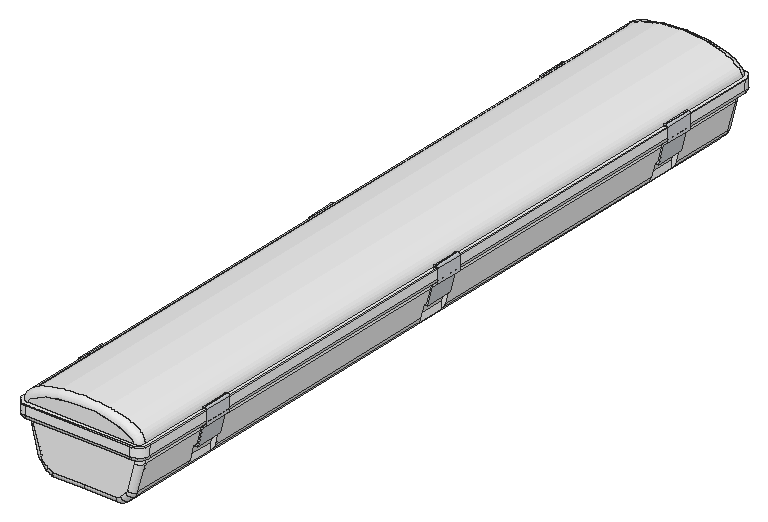
Revit family "0067945 Sylvania Lighting Fixture START Waterproof Twin 600 IP65 1400lm 865", category Lighting Fixtures, host Face, Revit 2016
Family settings
  Host = Face
  Part Type = Normal
  Round Connector Dimension = Use Diameter
  OmniClass Number = 23.80.70.11.14
  OmniClass Title = General Luminaries, Directional
  Cut with Voids When Loaded = No
  Light Source = Yes
  Shared = No
  Room Calculation Point = No
Parameters (values of type "0067945 ST WTRPRF T 600 IP65 1400LM 865")
  Width = 110 mm
  Weight = "1.12 kg"
  Wattage Comments = "n/a"
  Wattage = 12 W
  WarrantyStartDate [instance] = "n/a"
  WarrantyGuarantorParts = "n/a"
  WarrantyDurationUnit = "n/a"
  WarrantyDurationParts = "n/a"
  WarrantyDescription = "n/a"
  built-in parameter 1150110 = 1 (stored number, unit not read)
  Voltage = 0 V
  URL = "http://www.sylvania-lighting.com"
  TypeName = "START Waterproof Twin 600 IP65 1400lm 865"
  Type Image = <None>
  Type Comments = "n/a"
  built-in parameter 1114217 = 1 (stored number, unit not read)
  Tilt Angle = -90.00°
  built-in parameter 1150109 = 1 (stored number, unit not read)
  built-in parameter 1150134 = 1
  built-in parameter 1150113 = 1 (stored number, unit not read)
  SerialNumber [instance] = "n/a"
  ReflectorMaterial = none
  PowerFactor = 0
  PowerConsumption = "12 W"
  Photometric Web File = "0067945.ies"
  NominalWidth = 0 mm
  NominalLength = 665 mm
  NominalHeight = 78 mm
  Name = "START Waterproof Twin 600 IP65 1400lm 865"
  ModelReference = "START Waterproof Twin 600 IP65 1400lm 865"
  ModelNumber = "0067945"
  Model = "START Waterproof Twin 600 IP65 1400lm 865"
  Material = "polycarbonate housing, polycarbonate diffuser"
  ManufacturerName = "Feilo Sylvania"
  Manufacturer = "Feilo Sylvania"
  LuminousEfficacy = "115 lm/W"
  built-in parameter 1150105 = 109.82 (stored number, unit not read)
  Lumens = 1380 lm
  LuminaireType = ""
  built-in parameter 1150115 = 1 (stored number, unit not read)
  LightOutputRatio = "n/a"
  built-in parameter 1150137 = (empty or 0)
  built-in parameter 1150139 = (empty or 0)
  Length = 665 mm
  LampsType = Lamp  # "LED"
  LampNominalLuminous = "1400 lm"
  LampMacAdamStep = "n/a"
  LampColourTemperature = "6500 K"
  LampColourRenderingIndex = "80"
  built-in parameter 1150112 = 1 (stored number, unit not read)
  built-in parameter 1150114 = 1 (stored number, unit not read)
  Lamp = "LED"
  Keynote = "16500"
  InstallationDate [instance] = "n/a"
  InputVoltage = "n/a"
  InputNominalFrequency = "n/a"
  built-in parameter 1150132 = (empty or 0)
  built-in parameter 1150102 = (empty or 0)
  built-in parameter 1150107 = 6500 (stored number, unit not read)
  built-in parameter 1150138 = (empty or 0)
  IngressProtection = "IP65"
  ImpactProtectionIndex = "IK08"
  built-in parameter 1150106 = 1.0982 (stored number, unit not read)
  IfcExportType = "IfcLightFixtureType"
  IfcExportAs = "IfcLightFixtureType"
  ExpectedLife = 50000
  Emit from Rectangle Width = Width - 20 mm  # 90 mm
  Emit from Rectangle Length = Length - 20 mm  # 645 mm
  Emit Shape Visible in Rendering = no
  ElectricShockClassification = "Class I"
  built-in parameter 1150104 = 10.684 (stored number, unit not read)
  DurationUnit = "hours"
  DocumentationLiterature = "http://www.sylvania-lighting.com/product/en-int/products/0067945"
  DimmingControlOptions = "n/a"
  Dimming Lamp Color Temperature Shift = <None>
  DiffuserMaterial = Diffuser-Sylvania-Transparent
  Description = ""
  Default Elevation = 1219.2 mm
  CreatedOn = "11/27/2018"
  CreatedBy = "@sylvania-lighting.com"
  Cost = 0
  Color Filter = 16777215
  built-in parameter 1114216 [instance] = (empty or 0)
  ClassificationValue = "EF_70_80"
  ClassificationName = "Uniclass2015"
  BracketOffset_FEILO = 360 mm
  BodyMaterial = Body-Sylvania-Gray
  BarCode [instance] = "n/a"
  built-in parameter 1114218 = 1 (stored number, unit not read)
  built-in parameter 1150133 = 10 (stored number, unit not read)
  AssetType = "Fixed"
  AssetIdentifier [instance] = "n/a"
  Assembly Code = "D5020200"
  Apparent Load = 12 VA
  AccessoryMaterial = Diffuser-Sylvania-Glow
Reference planes
  plane 1 "Center (Front/Back)": y = 0
  plane 2: z = 0
  plane 3 "Center (Left/Right)": x = 0
  plane 4: z = 54
  plane 5: x = -27.7
  plane 6: x = -34.8
  plane 7: x = -39.6
  plane 8: x = -42.2
  plane 9: z = 3
  plane 10: z = 7.8
  plane 11: z = 12.3
  plane 12: z = 36.6
  plane 13: z = 42.8
  plane 14: x = -51.1
  plane 15: z = 46.2
  plane 16: x = -55
  plane 17: y = 332.5
  plane 18: y = -332.5
  plane 19: x = 27.7
  plane 20: x = 34.8
  plane 21: x = 39.6
  plane 22: x = 42.2
  plane 23: x = 51.1
  plane 24: x = 55
  plane 25: y = 324.9
  plane 26: y = -324.9
  plane 27: y = -321.2
  plane 28: y = 321.2
  plane 29: z = 74
  plane 30: x = -51.5
  plane 31: x = 51.5
  plane 32: z = 55.2
  plane 33: y = -329
  plane 34: y = 329
  plane 35: x = -37.5
  plane 36: x = 37.5
  plane 37: x = -48.7
  plane 38: x = 48.7
  plane 39: x = 18
  plane 40: x = -18
  plane 41: z = 50.2
  plane 42: z = 24.6
  plane 43: y = 720
  plane 44: y = 706
  plane 45: y = 734
  plane 46: y = 250
  plane 47: y = 236
  plane 48: y = 264
  plane 49: y = 0
  plane 50: y = -14
  plane 51: y = 14
  plane 52: y = -250
  plane 53: y = -264
  plane 54: y = -236
Forms (mm)
  Sweep 1, solid, material "Body-Sylvania-Gray" <- "BodyMaterial", detail levels medium+fine
    path origin (1223.4, -4572, 54) x (0, -1, 0) y (1, 0, 0)
      loop
        arc (-4249.5, -1278.4) -> (-4242.429, -1275.471) -> (-4239.5, -1268.4) r 10
        line (-4239.5, -1268.4) -> (-4239.5, -1178.4)
        arc (-4239.5, -1178.4) -> (-4242.429, -1171.329) -> (-4249.5, -1168.4) r 10
        line (-4249.5, -1168.4) -> (-4894.5, -1168.4)
        arc (-4894.5, -1168.4) -> (-4901.571, -1171.329) -> (-4904.5, -1178.4) r 10
        line (-4904.5, -1178.4) -> (-4904.5, -1268.4)
        arc (-4904.5, -1268.4) -> (-4901.571, -1275.471) -> (-4894.5, -1278.4) r 10
        line (-4894.5, -1278.4) -> (-4249.5, -1278.4)
    profile origin (-55, 0, 54) x (-1, 0, 0) y (0, 0, 1)
      loop
        line (0, 0) -> (-1, 0) -> (-1, -7.726)
        arc (-1, -7.726) -> (-1.994, -9.498) -> (-3.9, -10.2) r 2.937
        line (-3.9, -10.2) -> (-8.571, -10.2) -> (-8.571, -11.2) -> (-3.9, -11.2)
        arc (-3.9, -11.2) -> (-1.313, -10.231) -> (0, -7.8) r 3.937
        line (0, -7.8) -> (0, 0)
  Sweep 2, solid, material "Body-Sylvania-Gray" <- "BodyMaterial", detail levels medium+fine
    path origin (0, 0, 0) x (1, 0, 0) y (0, 0, 1)
      loop
        line (48.7, 42.8) -> (48.7, 36.6) -> (42.203, 12.31)
        arc (42.203, 12.31) -> (41.199, 9.884) -> (39.6, 7.8) r 10.052
        line (39.6, 7.8) -> (34.8, 3)
        arc (34.8, 3) -> (31.554, 0.781) -> (27.7, 0) r 9.902
        line (27.7, 0) -> (0, 0) -> (-27.7, 0)
        arc (-27.7, 0) -> (-31.554, 0.781) -> (-34.8, 3) r 9.902
        line (-34.8, 3) -> (-39.6, 7.8)
        arc (-39.6, 7.8) -> (-41.199, 9.884) -> (-42.203, 12.31) r 10.052
        line (-42.203, 12.31) -> (-48.7, 36.6) -> (-48.7, 42.8)
    profile origin (0, 0, 0) x (0, 0, -1) y (0, -1, 0)
      loop
        arc (0, 319.9) -> (-1.464, 323.436) -> (-5, 324.9) r 5
        line (-5, 324.9) -> (-7.8, 324.9) -> (-7.8, -324.9) -> (-5, -324.9)
        arc (-5, -324.9) -> (-1.464, -323.436) -> (0, -319.9) r 5
        line (0, -319.9) -> (0, 319.9)
  Extrusion 3, solid, material "Body-Sylvania-Gray" <- "BodyMaterial", detail levels medium+fine
    sketch origin (1524, 324.9, 1219.2) x (1, 0, 0) y (0, 0, 1)
      loop
        arc (-1558.668, -1204.874) -> (-1558.443, -1205.418) -> (-1558.085, -1205.885) r 2.252
        line (-1558.085, -1205.885) -> (-1553.231, -1210.738)
        arc (-1553.231, -1210.738) -> (-1552.534, -1211.227) -> (-1551.7, -1211.4) r 2.102
        line (-1551.7, -1211.4) -> (-1496.3, -1211.4)
        arc (-1496.3, -1211.4) -> (-1495.466, -1211.227) -> (-1494.769, -1210.738) r 2.102
        line (-1494.769, -1210.738) -> (-1489.915, -1205.885)
        arc (-1489.915, -1205.885) -> (-1489.557, -1205.418) -> (-1489.332, -1204.874) r 2.252
        line (-1489.332, -1204.874) -> (-1483.1, -1181.575) -> (-1483.1, -1176.4) -> (-1564.9, -1176.4) -> (-1564.9, -1181.575) -> (-1558.668, -1204.874)
    from 0 to 649.8
  Sweep 4, solid, material "Diffuser-Sylvania-Transparent" <- "DiffuserMaterial", detail levels medium+fine
    path origin (0, 0, 0) x (1, 0, 0) y (0, 0, 1)
      loop
        spline (-51.5, 55.2) -> (-49.745, 60.066) -> (-44.6, 64.6) -> (-36.416, 68.494) -> (-25.75, 71.481) -> (-13.329, 73.359) -> (0, 74) -> (13.329, 73.359) -> (25.75, 71.481) -> (36.416, 68.494) -> (44.6, 64.6) -> (49.745, 60.066) -> (51.5, 55.2)
    profile origin (51.5, 0, 55.2) x (0, -1, 0) y (1, 0, 0)
      loop
        arc (329, -5.5) -> (327.389, -1.611) -> (323.5, 0) r 5.5
        line (323.5, 0) -> (-323.5, 0)
        arc (-323.5, 0) -> (-327.389, -1.611) -> (-329, -5.5) r 5.5
        line (-329, -5.5) -> (-329, -6.3) -> (-328, -6.3) -> (-328, -5.5)
        arc (-328, -5.5) -> (-326.682, -2.318) -> (-323.5, -1) r 4.5
        line (-323.5, -1) -> (323.5, -1)
        arc (323.5, -1) -> (326.682, -2.318) -> (328, -5.5) r 4.5
        line (328, -5.5) -> (328, -6.347) -> (329, -6.347) -> (329, -5.5)
  Extrusion 5, solid, material "Diffuser-Sylvania-Transparent" <- "DiffuserMaterial", detail levels medium+fine
    sketch origin (1524, -329, 1219.2) x (1, 0, 0) y (0, 0, 1)
      loop
        line (-1569.653, -1164) -> (-1478.347, -1164)
        spline (-1478.347, -1164) -> (-1478.969, -1162.594) -> (-1482.527, -1159.545) -> (-1489.588, -1156.201) -> (-1499.458, -1153.445) -> (-1511.242, -1151.663) -> (-1524, -1151.049) -> (-1536.758, -1151.663) -> (-1548.542, -1153.445) -> (-1558.412, -1156.201) -> (-1565.473, -1159.545) -> (-1569.031, -1162.594) -> (-1569.653, -1164)
    from 0 to -1
  Extrusion 6, solid, material "Diffuser-Sylvania-Transparent" <- "DiffuserMaterial", detail levels medium+fine
    sketch origin (1524, 329, 1219.2) x (1, 0, 0) y (0, 0, 1)
      loop
        spline (-1478.3, -1164) -> (-1478.931, -1162.565) -> (-1482.502, -1159.505) -> (-1489.572, -1156.155) -> (-1499.446, -1153.394) -> (-1511.236, -1151.614) -> (-1524, -1151.007) -> (-1536.764, -1151.614) -> (-1548.554, -1153.394) -> (-1558.428, -1156.155) -> (-1565.498, -1159.505) -> (-1569.069, -1162.565) -> (-1569.7, -1164)
        line (-1569.7, -1164) -> (-1478.3, -1164)
    from 0 to 1
  Extrusion 7, solid, material "Diffuser-Sylvania-Transparent" <- "DiffuserMaterial", detail levels medium+fine
    sketch origin (1223.4, -4572, 55.2) x (0, -1, 0) y (-1, 0, 0)
      loop
        arc (-4900, 1177.4) -> (-4898.682, 1174.218) -> (-4895.5, 1172.9) r 4.5
        line (-4895.5, 1172.9) -> (-4248.5, 1172.9)
        arc (-4248.5, 1172.9) -> (-4245.318, 1174.218) -> (-4244, 1177.4) r 4.5
        line (-4244, 1177.4) -> (-4244, 1269.4)
        arc (-4244, 1269.4) -> (-4245.318, 1272.582) -> (-4248.5, 1273.9) r 4.5
        line (-4248.5, 1273.9) -> (-4895.5, 1273.9)
        arc (-4895.5, 1273.9) -> (-4898.682, 1272.582) -> (-4900, 1269.4) r 4.5
        line (-4900, 1269.4) -> (-4900, 1177.4)
      loop
        line (-4904.5, 1268.4) -> (-4904.5, 1178.4)
        arc (-4904.5, 1178.4) -> (-4901.571, 1171.329) -> (-4894.5, 1168.4) r 10
        line (-4894.5, 1168.4) -> (-4249.5, 1168.4)
        arc (-4249.5, 1168.4) -> (-4242.429, 1171.329) -> (-4239.5, 1178.4) r 10
        line (-4239.5, 1178.4) -> (-4239.5, 1268.4)
        arc (-4239.5, 1268.4) -> (-4242.429, 1275.471) -> (-4249.5, 1278.4) r 10
        line (-4249.5, 1278.4) -> (-4894.5, 1278.4)
        arc (-4894.5, 1278.4) -> (-4901.571, 1275.471) -> (-4904.5, 1268.4) r 10
    from 0 to 1.2
  Extrusion 8, solid, material "Diffuser-Sylvania-Glow" <- "AccessoryMaterial", detail levels fine
    sketch origin (0, 0, 0) x (1, 0, 0) y (0, 0, 1)
      loop
        circle (-18, 50.2) r 8
      loop
        circle (18, 50.2) r 8
    from -321.2 to 321.2
  Extrusion 9, solid, material "Body-Sylvania-Gray" <- "BodyMaterial", detail levels coarse
    sketch origin (0, 0, 0) x (1, 0, 0) y (0, 0, 1)
      loop
        line (55, 42.8) -> (55, 55.2) -> (-55, 55.2) -> (-55, 42.791) -> (-42.2, 0) -> (42.2, 0) -> (55, 42.8)
    from -332.5 to 332.5
  Extrusion 10, solid, material "Diffuser-Sylvania-Transparent" <- "DiffuserMaterial", detail levels coarse
    sketch origin (0, 0, 0) x (1, 0, 0) y (0, 0, 1)
      loop
        arc (51.5, 55.2) -> (0, 74) -> (-51.5, 55.2) r 79.939
        line (-51.5, 55.2) -> (51.5, 55.2)
    from 324.9 to -324.9
  Extrusion 11, void, not visible
    sketch origin (0, 720, 2343.807) x (0, 0, -1) y (-1, 0, 0)
      loop
        line (2340.807, -37.5) -> (2331.507, -37.5) -> (2319.207, -42.2) -> (2319.207, -48.7) -> (2340.807, -48.7) -> (2340.807, -37.5)
      loop
        line (2340.807, 37.5) -> (2340.807, 48.7) -> (2319.207, 48.7) -> (2319.207, 42.2) -> (2331.507, 37.5) -> (2340.807, 37.5)
    from -14 to 14
  Extrusion 12, void
    sketch origin (0, 250, 2343.807) x (0, 0, -1) y (-1, 0, 0)
      loop
        line (2340.807, -37.5) -> (2331.507, -37.5) -> (2319.207, -42.2) -> (2319.207, -48.7) -> (2340.807, -48.7) -> (2340.807, -37.5)
      loop
        line (2340.807, 37.5) -> (2340.807, 48.7) -> (2319.207, 48.7) -> (2319.207, 42.2) -> (2331.507, 37.5) -> (2340.807, 37.5)
    from -14 to 14
  Extrusion 13, void
    sketch origin (0, 0, 2343.807) x (0, 0, -1) y (-1, 0, 0)
      loop
        line (2340.807, -37.5) -> (2331.507, -37.5) -> (2319.207, -42.2) -> (2319.207, -48.7) -> (2340.807, -48.7) -> (2340.807, -37.5)
      loop
        line (2340.807, 37.5) -> (2340.807, 48.7) -> (2319.207, 48.7) -> (2319.207, 42.2) -> (2331.507, 37.5) -> (2340.807, 37.5)
    from -14 to 14
  Extrusion 14, void
    sketch origin (0, -250, 2343.807) x (0, 0, -1) y (-1, 0, 0)
      loop
        line (2340.807, -37.5) -> (2331.507, -37.5) -> (2319.207, -42.2) -> (2319.207, -48.7) -> (2340.807, -48.7) -> (2340.807, -37.5)
      loop
        line (2340.807, 37.5) -> (2340.807, 48.7) -> (2319.207, 48.7) -> (2319.207, 42.2) -> (2331.507, 37.5) -> (2340.807, 37.5)
    from -14 to 14
Cuts and joins
  Extrusion 12, Extrusion 13, Extrusion 14 cuts Sweep 2
  Extrusion 12, Extrusion 13, Extrusion 14 cuts Extrusion 3
  joined: Sweep 2, Extrusion 3
  joined: Sweep 4, Extrusion 5, Extrusion 6
Dimensions and locks
  locked: plane 4 to plane 2 at 54
  plane 5 to plane 6 to plane 7 to plane 8 to plane 14 to plane 16 = 7.1 mm locked, 4.8 mm locked, 2.6 mm locked, 8.9 mm, 3.9 mm
  plane 4 to plane 15 to plane 13 to plane 12 to plane 11 to plane 10 to plane 9 = 7.8 mm locked, 3.4 mm, 6.2 mm locked, 24.3 mm locked, 4.5 mm locked, 4.8 mm locked
  equal spacing: plane 18, plane 1 "Center (Front/Back)", plane 17
  "Length": plane 18 to plane 17
  plane 19 to plane 20 to plane 21 to plane 22 to plane 23 to plane 24 = 7.1 mm locked, 4.8 mm locked, 2.6 mm locked, 8.9 mm, 3.9 mm
  equal spacing: plane 24, plane 3 "Center (Left/Right)", plane 16
  "Width": plane 24 to plane 16
  equal spacing: plane 27, plane 1 "Center (Front/Back)", plane 28
  locked: plane 26 to plane 27 at 3.7
  locked: Sweep 1 sketch curve to profile plane at 1
  locked: Sweep 1 sketch curve to plane 13 at 1
  locked: Sweep 1 sketch curve to plane 13 at 3.937  (x2)
  locked: Sweep 1 sketch curve to profile plane at 3.9  (x2)
  locked: plane 29 to plane 4 at 20
  equal spacing: plane 31, plane 3 "Center (Left/Right)", plane 30
  locked: plane 30 to plane 16 at 3.5
  locked: plane 32 to plane 4 at 1.2
  equal spacing: plane 33, plane 1 "Center (Front/Back)", plane 34
  equal spacing: plane 36, plane 3 "Center (Left/Right)", plane 35
  locked: plane 3 "Center (Left/Right)" to plane 35 at 37.5
  locked: plane 34 to plane 17 at 3.5
  equal spacing: plane 38, plane 3 "Center (Left/Right)", plane 37
  locked: plane 37 to plane 16 at 6.3
  equal spacing: plane 25, plane 1 "Center (Front/Back)", plane 26
  locked: plane 17 to plane 25 at 7.6
  locked: Sweep 2 sketch curve to plane 2 at 5  (x2)
  locked: Sweep 2 sketch curve to plane 26 at 5
  locked: plane 25 to Sweep 2 sketch curve at 5
  locked: Sweep 4 sketch curve to plane 31 at 5.5  (x2)
  locked: Sweep 4 sketch curve to plane 34 at 5.5
  plane 33 to Sweep 4 sketch curve = 5.5 mm
  locked: plane 34 to Sweep 4 sketch curve at 1
  locked: Sweep 4 sketch curve to plane 31 at 1
  locked: Sweep 4 sketch curve to Sweep 4 sketch curve at 1
  locked: Sweep 4 sketch curve to plane 31 at 6.347
  locked: Sweep 4 sketch curve to plane 31 at 6.3
  equal spacing: plane 39, plane 3 "Center (Left/Right)", plane 40
  locked: plane 3 "Center (Left/Right)" to plane 40 at 18
  locked: plane 42 to plane 2 at 24.6
  plane 45 to plane 43 to plane 44 = 14 mm locked, 14 mm locked
  plane 48 to plane 46 to plane 47 = 14 mm locked, 14 mm locked
  plane 51 to plane 49 to plane 50 = 14 mm locked, 14 mm locked
  plane 54 to plane 52 to plane 53 = 14 mm locked, 14 mm locked
  equal spacing: plane 46, plane 1 "Center (Front/Back)", plane 52
  locked: plane 46 to plane 1 "Center (Front/Back)" at 250
  aligned and locked: plane 2 to host face
  aligned and locked: level to host face
  aligned and locked: plane 16 to Sweep 1 sketch curve
  aligned and locked: Sweep 1 sketch curve to plane 24
  aligned and locked: plane 18 to Sweep 1 sketch curve
  aligned and locked: Sweep 1 sketch curve to plane 13
  aligned and locked: profile plane to Sweep 1 sketch curve
  aligned and locked: plane 3 "Center (Left/Right)" to Sweep 2 sketch curve
  aligned and locked: plane 9 to Sweep 2 sketch curve
  aligned and locked: plane 10 to Sweep 2 sketch curve
  aligned and locked: plane 37 to Sweep 2 sketch curve
  aligned and locked: plane 12 to Sweep 2 sketch curve
  aligned and locked: Sweep 2 sketch curve to level
  aligned and locked: plane 21 to Sweep 2 sketch curve
  aligned and locked: plane 38 to Sweep 2 sketch curve
  aligned and locked: profile plane to Sweep 2 sketch curve
  aligned and locked: plane 25 to Sweep 2 sketch curve
  aligned and locked: Sweep 2 sketch curve to plane 10
  aligned and locked: Extrusion 3 sketch curve to Sweep 2  (x7)
  aligned and locked: Sweep 2 to Extrusion 3 sketch curve
  aligned and locked: Extrusion 3 to plane 25
  aligned and locked: plane 26 to Extrusion 3
  aligned and locked: plane 32 to Sweep 4 sketch curve
  aligned and locked: plane 33 to Sweep 4 sketch curve
  aligned and locked: Sweep 4 to Extrusion 5
  aligned and locked: plane 33 to Extrusion 5
  aligned and locked: Extrusion 5 sketch curve to Sweep 4
  aligned and locked: cut or joined group of Sweep 4, Extrusion 5, Extrusion 6 to Extrusion 6 sketch curve
  aligned and locked: Extrusion 7 sketch curve to cut or joined group of Sweep 4, Extrusion 5, Extrusion 6  (x2)
  aligned and locked: cut or joined group of Sweep 4, Extrusion 5, Extrusion 6 to Extrusion 7 sketch curve  (x2)
  aligned and locked: plane 41 to Extrusion 8 sketch curve  (x2)
  aligned and locked: plane 39 to Extrusion 8 sketch curve
  aligned and locked: plane 27 to Extrusion 8
  aligned and locked: Extrusion 8 to plane 28
  aligned and locked: Extrusion 7 sketch curve to Sweep 1  (x4)
  aligned and locked: plane 4 to Extrusion 7
  aligned and locked: Extrusion 7 to plane 32
  aligned and locked: Extrusion 9 sketch curve to plane 24
  aligned and locked: Extrusion 9 sketch curve to Extrusion 7
  aligned and locked: plane 8 to Extrusion 9 sketch curve
  aligned and locked: plane 22 to Extrusion 9 sketch curve
  aligned and locked: level to Extrusion 9 sketch curve
  aligned and locked: Extrusion 9 to plane 17
  aligned and locked: plane 18 to Extrusion 9
  aligned and locked: cut or joined group of Sweep 4, Extrusion 5, Extrusion 6 to Extrusion 10 sketch curve
  aligned and locked: Extrusion 10 sketch curve to cut or joined group of Sweep 4, Extrusion 5, Extrusion 6  (x2)
  aligned and locked: plane 31 to Extrusion 10 sketch curve
  aligned and locked: plane 30 to Extrusion 10 sketch curve
  aligned and locked: plane 26 to Extrusion 10
  aligned and locked: Extrusion 10 to plane 25
  aligned and locked: imposter light to plane 29
  aligned and locked: plane 3 "Center (Left/Right)" to imposter light
  aligned and locked: plane 1 "Center (Front/Back)" to imposter light
  aligned and locked: plane 47 to Extrusion 12
  aligned and locked: Extrusion 12 to plane 48
  aligned and locked: plane 50 to Extrusion 13
  aligned and locked: Extrusion 13 to plane 51
  aligned and locked: plane 53 to Extrusion 14
  aligned and locked: Extrusion 14 to plane 54
  aligned and locked: nested 1 to plane 46
  aligned and locked: plane 46 to nested 6
  aligned and locked: nested 2 to plane 49
  aligned and locked: plane 49 to nested 5
  aligned and locked: nested 3 to plane 52
  aligned and locked: plane 52 to nested 4
  aligned and locked: plane 49 to plane 1 "Center (Front/Back)"
Automatic sketch dimensions
  host sketch curve to host sketch curve = 2438.4 mm  (x2)
  plane 17 to Sweep 1 sketch curve = 0 mm
  Sweep 1 sketch curve to plane 28 = 1.3 mm
  Sweep 1 sketch curve to plane 7 = 5.4 mm
  plane 27 to Sweep 1 sketch curve = 1.3 mm  (x2)
  Sweep 1 sketch curve to Sweep 1 sketch curve = 4.671 mm
  Sweep 1 sketch curve to plane 4 = 0 mm
  Sweep 2 sketch curve to plane 7 = 0 mm
  Sweep 2 sketch curve to plane 6 = 0 mm
  Sweep 2 sketch curve to plane 5 = 0 mm
  plane 19 to Sweep 2 sketch curve = 0 mm
  Sweep 2 sketch curve to plane 9 = 0 mm
  plane 20 to Sweep 2 sketch curve = 0 mm
  Sweep 2 sketch curve to plane 12 = 0 mm
  Sweep 2 sketch curve to plane 10 = 0 mm
  Sweep 2 sketch curve to plane 13 = 0 mm  (x2)
  Sweep 2 sketch curve to plane 8 = 0.003 mm
  plane 6 to Sweep 2 sketch curve = 2.308 mm
  plane 20 to Sweep 2 sketch curve = 2.308 mm
  Sweep 2 sketch curve to plane 22 = 0.003 mm
  Sweep 2 sketch curve to plane 11 = 0.01 mm  (x2)
  Extrusion 3 sketch curve to plane 5 = 0 mm
  plane 19 to Extrusion 3 sketch curve = 0 mm
  plane 6 to Extrusion 3 sketch curve = 0.132 mm
  plane 6 to Extrusion 3 sketch curve = 0.715 mm
  Extrusion 3 sketch curve to Extrusion 3 sketch curve = 1.592 mm
  Extrusion 3 sketch curve to plane 10 = 0.662 mm  (x2)
  plane 20 to Extrusion 3 sketch curve = 2.308 mm
  plane 20 to Extrusion 3 sketch curve = 0.715 mm
  plane 20 to Extrusion 3 sketch curve = 0.132 mm
  Sweep 4 sketch curve to plane 30 = 0 mm
  Sweep 4 sketch curve to plane 3 "Center (Left/Right)" = 0 mm
  Sweep 4 sketch curve to Sweep 4 sketch curve = 0 mm  (x2)
  plane 37 to Extrusion 5 sketch curve = 3.047 mm
  Extrusion 5 sketch curve to plane 38 = 3.047 mm
  plane 37 to Extrusion 6 sketch curve = 3 mm
  Extrusion 6 sketch curve to plane 38 = 3 mm
  plane 25 to Extrusion 7 sketch curve = 1.4 mm  (x2)
  Extrusion 7 sketch curve to plane 26 = 1.4 mm  (x2)
  Extrusion 8 sketch curve to plane 40 = 0 mm
  Extrusion 9 sketch curve to plane 13 = 0 mm
  plane 13 to Extrusion 9 sketch curve = 0.009 mm
  Extrusion 10 sketch curve to level = 5.939 mm
  Extrusion 9 sketch curve to plane 16 = 0 mm
  Extrusion 11 sketch curve to Extrusion 11 sketch curve = 0 mm
  Extrusion 11 sketch curve to Extrusion 11 sketch curve = 12.3 mm  (x2)
  Extrusion 11 sketch curve to Extrusion 11 sketch curve = 9.3 mm  (x2)
  Extrusion 11 sketch curve to Extrusion 11 sketch curve = 6.5 mm
  Extrusion 11 sketch curve to Extrusion 11 sketch curve = 4.7 mm  (x2)
  Extrusion 11 sketch curve to Extrusion 11 sketch curve = 75 mm
  Extrusion 11 sketch curve to Extrusion 11 sketch curve = 11.2 mm
  Extrusion 12 sketch curve to Extrusion 12 sketch curve = 0 mm
  Extrusion 12 sketch curve to Extrusion 12 sketch curve = 12.3 mm  (x2)
  Extrusion 12 sketch curve to Extrusion 12 sketch curve = 9.3 mm  (x2)
  Extrusion 12 sketch curve to Extrusion 12 sketch curve = 6.5 mm
  Extrusion 12 sketch curve to Extrusion 12 sketch curve = 4.7 mm  (x2)
  Extrusion 12 sketch curve to Extrusion 12 sketch curve = 75 mm
  Extrusion 12 sketch curve to Extrusion 12 sketch curve = 11.2 mm
  Extrusion 13 sketch curve to Extrusion 13 sketch curve = 0 mm
  Extrusion 13 sketch curve to Extrusion 13 sketch curve = 12.3 mm  (x2)
  Extrusion 13 sketch curve to Extrusion 13 sketch curve = 9.3 mm  (x2)
  Extrusion 13 sketch curve to Extrusion 13 sketch curve = 6.5 mm
  Extrusion 13 sketch curve to Extrusion 13 sketch curve = 4.7 mm  (x2)
  Extrusion 13 sketch curve to Extrusion 13 sketch curve = 75 mm
  Extrusion 13 sketch curve to Extrusion 13 sketch curve = 11.2 mm
  Extrusion 14 sketch curve to Extrusion 14 sketch curve = 0 mm
  Extrusion 14 sketch curve to Extrusion 14 sketch curve = 12.3 mm  (x2)
  Extrusion 14 sketch curve to Extrusion 14 sketch curve = 9.3 mm  (x2)
  Extrusion 14 sketch curve to Extrusion 14 sketch curve = 6.5 mm
  Extrusion 14 sketch curve to Extrusion 14 sketch curve = 4.7 mm  (x2)
  Extrusion 14 sketch curve to Extrusion 14 sketch curve = 75 mm
  Extrusion 14 sketch curve to Extrusion 14 sketch curve = 11.2 mm
  radius of Extrusion 8 sketch curve = 8 mm  (x2)
Nested families
  nested 1: "Clip" at (-42.2, 250, 24.6) x (-1, 0, 0) z (0, 0, 1), type "Clip", detail levels fine
  nested 2: "Clip" at (-42.2, 0, 24.6) x (-1, 0, 0) z (0, 0, 1), type "Clip", detail levels fine
  nested 3: "Clip" at (-42.2, -250, 24.6) x (-1, 0, 0) z (0, 0, 1), type "Clip", detail levels fine
  nested 4: "Clip" at (42.2, -250, 24.6), type "Clip", detail levels fine
  nested 5: "Clip" at (42.2, 0, 24.6), type "Clip", detail levels fine
  nested 6: "Clip" at (42.2, 250, 24.6), type "Clip", detail levels fine
Connectors
  electrical at (0, 0, 0), driven by "Apparent Load"
    settings: index 1, voltage 230 V, apparent load 12 VA, apparent load phase1 0 VA, apparent load phase2 0 VA, apparent load phase3 0 VA, power factor 0, load classification "Lighting", number of poles 1, system type 30, power factor state 1, is connector primary yes, connector utility no, sub classification motor no, connector description ""
Definition of nested family "Clip"
  Parameters (values of type "Clip")
    URL = "http://www.feilosylvania.com"
    Type Comments = "n/a"
    Model = "n/a"
    Manufacturer = "Feilo Sylvania"
    Keynote = "n/a"
    Description = "n/a"
    Default Elevation = 1219.2 mm
    Cost = 0
    BodyMaterial = none
    Assembly Code = "n/a"
  Reference planes
    plane 1 "Center (Front/Back)": y = 0
    plane 2: z = 0
    plane 3 "Center (Left/Right)": x = 0
    plane 4: x = 3.3
    plane 5: x = 6.5
    plane 6: x = 8.9
    plane 7: x = 12.8
    plane 8: z = 12
    plane 9: z = 18.2
    plane 10: z = 21.6
    plane 11: z = 30.6
    plane 12: x = 9.3
    plane 13: z = 19.2
    plane 14: z = 16.2
    plane 15: x = 10.1
    plane 16: y = 12
    plane 17: y = -12
  Forms (mm)
    Extrusion 1, solid
      sketch origin (-0.8, 0, 0) x (1, 0, 0) y (0, 1, 0)
        loop
          line (-1219.2, 1219.2) -> (-1219.2, -1219.2) -> (1219.2, -1219.2) -> (1219.2, 1219.2) -> (-1219.2, 1219.2)
      from 0 to -304.8
    Extrusion 2, solid
      sketch origin (0, 0, 0) x (1, 0, 0) y (0, 0, 1)
        loop
          line (8.9, 16.2) -> (4.58, 0) -> (0, 0) -> (0, -0.8) -> (5.195, -0.8) -> (9.603, 15.731) -> (13.6, 18.806) -> (13.6, 30.6)
          arc (13.6, 30.6) -> (11.45, 32.75) -> (9.3, 30.6) r 2.15
          line (9.3, 30.6) -> (10.1, 30.6)
          arc (10.1, 30.6) -> (11.45, 31.95) -> (12.8, 30.6) r 1.35
          line (12.8, 30.6) -> (12.8, 19.2) -> (8.9, 16.2)
      from -12 to 12
  Lines and regions (mm)
    reference lines
      curve 1: line (3.3, 0, 0) -> (6.5, 0, 12)
      curve 2: arc (8.9, 0, 18.2) -> (11.488, 0, 19.169) -> (12.8, 0, 21.6) r 3.934
  Dimensions and locks
    plane 7 to plane 6 to plane 5 to plane 4 to plane 3 "Center (Left/Right)" = 3.9 mm locked, 2.4 mm locked, 3.2 mm locked, 3.3 mm locked
    plane 11 to plane 10 to plane 9 to plane 8 to plane 2 = 9 mm locked, 3.4 mm locked, 6.2 mm locked, 12 mm locked
    locked: plane 7 to plane 12 at 3.5
    locked: plane 13 to plane 9 at 1
    locked: plane 9 to plane 14 at 2
    locked: plane 15 to plane 12 at 0.8
    locked: plane 2 to Extrusion 2 sketch curve at 0.8
    locked: Extrusion 2 sketch curve to Extrusion 2 sketch curve at 0.8  (x3)
    locked: plane 7 to Extrusion 2 sketch curve at 1.35
    equal spacing: plane 17, plane 1 "Center (Front/Back)", plane 16
    locked: plane 1 "Center (Front/Back)" to plane 16 at 12
    aligned and locked: plane 2 to Extrusion 1
    aligned and locked: level to Extrusion 1
    aligned and locked: plane 4 to curve 1
    aligned and locked: plane 5 to curve 1
    aligned and locked: plane 6 to curve 2
    aligned and locked: plane 10 to curve 2
    aligned and locked: plane 14 to Extrusion 2 sketch curve
    aligned and locked: plane 13 to Extrusion 2 sketch curve
    aligned and locked: plane 7 to Extrusion 2 sketch curve
    aligned and locked: plane 3 "Center (Left/Right)" to Extrusion 2 sketch curve
    aligned and locked: Extrusion 2 sketch curve to level
    aligned and locked: Extrusion 2 sketch curve to plane 11
    aligned and locked: plane 11 to Extrusion 2 sketch curve
    aligned and locked: Extrusion 2 to plane 16
    aligned and locked: plane 17 to Extrusion 2
  Automatic sketch dimensions
    Extrusion 1 sketch curve to Extrusion 1 sketch curve = 2438.4 mm  (x2)
    curve 2 to plane 7 = 0 mm
    curve 1 to level = 0 mm
    curve 1 to plane 8 = 0 mm
    curve 2 to plane 9 = 0 mm
    plane 6 to curve 2 = 0.002 mm
    Extrusion 2 sketch curve to Extrusion 2 sketch curve = 0 mm
    Extrusion 2 sketch curve to plane 6 = 0 mm
    plane 4 to Extrusion 2 sketch curve = 1.28 mm
